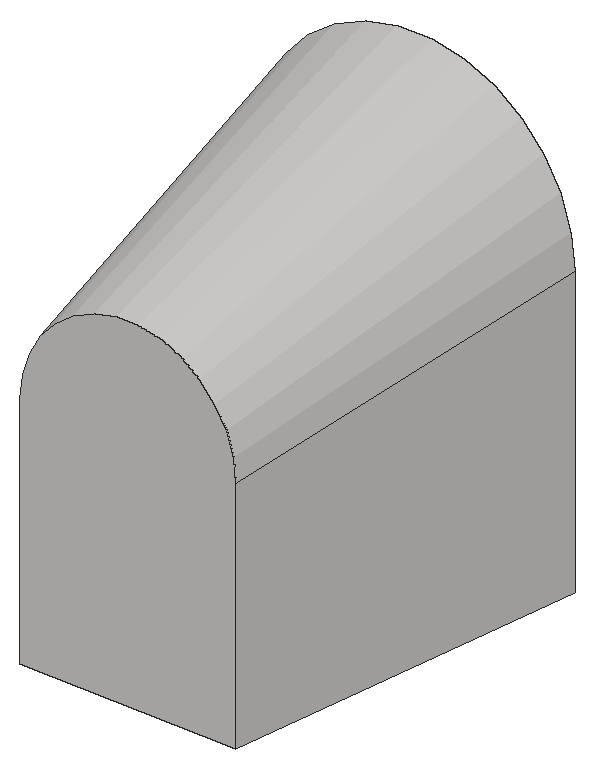
Revit family "PRD_FrankeWS_WCPans_CAMPUS_CMPX597,CMPX597B,CMPX597G,CMPX597S,CMPX597W", category Plumbing Fixtures, host Face, Revit 2018
Family settings
  Host = Face
  Round Connector Dimension = Use Diameter
  Part Type = Normal
  OmniClass Number = 23.45.05.21.11
  OmniClass Title = Water Closets
  Cut with Voids When Loaded = No
  Shared = No
  Room Calculation Point = No
Parameters (values of type "CMPX597")
  WaterSupplyOverflowAndWasteHolesWaterSupply = "n/a"
  WaterSupplyOverflowAndWasteHolesWaste = "n/a"
  WaterSupplyOverflowAndWasteHolesOverflow = "n/a"
  WasteSize = 100 mm
  WarrantyStartDate [instance] = "1900-12-31T23:59:59"
  WarrantyGuarantorParts = "n/a"
  WarrantyGuarantorLabor = "n/a"
  WarrantyDurationUnit = "year"
  WarrantyDurationParts = "n/a"
  WarrantyDurationLabor = "n/a"
  WarrantyDescription = "n/a"
  WCseatMaterial = none
  WC Material = PRD_AR_StainlessSteel_SatinFinished
  Visible = no
  Version = "1"
  Uniclass2015Version = "Products v1.7"
  Uniclass2015Title = "WC pans"
  Uniclass2015Code = "Pr_40_20_93_94"
  URL = "www.kwc.com"
  ToiletType = "LooseCoupled"
  ToiletPanType = "Other"
  TagNumber [instance] = "n/a"
  SustainabilityPerformance = "n/a"
  Standard = "n/a"
  SpilloverLevel = 400.00 mm
  Size = "360 x 400 x 500 mm"
  Shape = "n/a"
  SerialNumber [instance] = "n/a"
  SeatPadsMaterial = PRD_AR_SyntheticGrey
  SeatPads = no
  Revision = "n/a"
  ReplacementCost = "n/a"
  ProductInformation = "https://pim.kwc.com/product/2000100153/attachment/datasheet?locale=en"
  PanMounting = "WallHung"
  PanMaterial = "Stainless steel"
  PanHeight = "n/a"
  PanColor = "Stainless steel"
  NominalWidth = 360.00 mm
  NominalLength = 500.00 mm
  NominalHeight = 400.00 mm
  NominalDepth = 400.00 mm
  NetWeight = 15.76 kg
  Name = "CAMPUS WC CMPX597"
  NBSTypeID = "n/a"
  NBSReference = "45-35-70/384"
  NBSOfficeMasterTag = "n/a"
  NBSNote = "n/a"
  NBSDescription = "WC pans"
  NBSCertification = "n/a"
  ModelReference = "CMPX597"
  ModelNumber = "2000100153"
  Model = ModelReference  # "CMPX597"
  MinimumFlushingCapacity = "4.00 L"
  MaterialsFinishAndColour = "Stainless steel"
  MaterialsBody = "Stainless steel"
  ManufacturerURL = "www.kwc.com"
  ManufacturerName = "KWC Group AG"  # constant formula
  Manufacturer = ManufacturerName  # "KWC Group AG"
  IntegralAccessories = "Includes Mounting material"
  InstallationDate [instance] = "1900-12-31T23:59:59"
  InletSize = 55 mm
  IfcExportType = "TOILETPAN"
  IfcExportAs = "IfcSanitaryTerminalType"
  GrossWeight = 16.66 kg
  Grade = "n/a"
  Form = "WALL-HUNG"
  Finish = "Satin finished"
  Features = "stainless steel, 1.60 mm, satin finished, wall and floor mounting, 360x400x500 mm (WxHxD)"
  ExpectedLife = "n/a"
  DurationUnit = "year"
  Description = "Floor standing WC pan with shroud to the floor, stainless steel, surface satin finished, material thickness 1.6 mm, flushing certificated to EN 997, concealed flushing rim with min. 4 liter flushing capacity, with a shrouded 100 mm diameter horizontal 'P' trap outlet, pressed seat area tapered towards centre, all edges curved, fixing with mounting plate supplied, conform to EN 33, includes security screws. 4 litre flush EN 997 approved. Without seat."
  Default Elevation = 500.00 mm
  Constituents = "n/a"
  ConnectingDimensions = "n/a"
  CodePerformance = "n/a"
  Category = "Pr_40_20_93_94, WC pans"
  BarCode [instance] = "n/a"
  BIMObjectName = "PRD_AR_WCPans_CAMPUS_CMPX597"
  Author = "Archispace"  # constant formula
  AssetType = "Fixed"
  AssetIdentifier [instance] = "n/a"
  AccessibilityPerformance = "n/a"
Types (5, lengths in mm): name | WCseatMaterial | Visible | Size | SeatPads | ProductInformation | NominalHeight | NominalDepth | NetWeight | Name | ModelReference | ModelNumber | Model | GrossWeight | Features | Description | BIMObjectName
  CMPX597 | none | no | "360 x 400 x 500 mm" | no | "https://pim.kwc.com/product/2000100153/attachment/datasheet?locale=en" | 400.00 | 400.00 | 15.76 kg | "CAMPUS WC CMPX597" | "CMPX597" | "2000100153" | "CMPX597" | 16.66 kg | "stainless steel, 1.60 mm, satin finished, wall and floor mounting, 360x400x500 mm (WxHxD)" | "Floor standing WC pan with shroud to the floor, stainless steel, surface satin finished, material thickness 1.6 mm, flushing certificated to EN 997, concealed flushing rim with min. 4 liter flushing capacity, with a shrouded 100 mm diameter horizontal 'P' trap outlet, pressed seat area tapered towards centre, all edges curved, fixing with mounting plate supplied, conform to EN 33, includes security screws. 4 litre flush EN 997 approved. Without seat." | "PRD_AR_WCPans_CAMPUS_CMPX597"
  CMPX597S | none | no | "360 x 412 x 500 mm" | yes | "https://pim.kwc.com/product/2000100154/attachment/datasheet?locale=en" | 412.00 | 412.00 | 16.54 kg | "CAMPUS WC CMPX597S" | "CMPX597S" | "2000100154" | "CMPX597S" | 17.34 kg | "stainless steel, 1.60 mm, satin finished, wall and floor mounting, 360x412x500 mm (WxHxD)" | "Floor standing WC pan with shroud to the floor, stainless steel, surface satin finished, material thickness 1.6 mm, flushing certificated to EN 997, concealed flushing rim with min. 4 liter flushing capacity, with a shrouded 100 mm diameter horizontal 'P' trap outlet, pressed seat area tapered towards centre, all edges curved, fixing with mounting plate supplied, conform to EN 33, includes security screws. 4 litre flush EN 997 approved. With seat pads." | "PRD_AR_WCPans_CAMPUS_CMPX597S"
  CMPX597B | PRD_AR_SyntheticBlack | yes | "360 x 456 x 500 mm" | no | "https://pim.kwc.com/product/2000100156/attachment/datasheet?locale=en" | 456.00 | 456.00 | 17.08 kg | "CAMPUS WC CMPX597B" | "CMPX597B" | "2000100156" | "CMPX597B" | 19.24 kg | "stainless steel, 1.60 mm, satin finished, wall and floor mounting, 360x456x500 mm (WxHxD)" | "Floor standing WC pan with shroud to the floor, stainless steel, surface satin finished, material thickness 1.6 mm, flushing certificated to EN 997, concealed flushing rim with min. 4 liter flushing capacity, with a shrouded 100 mm diameter horizontal 'P' trap outlet, pressed seat area tapered towards centre, all edges curved, fixing with mounting plate supplied, conform to EN 33, includes security screws. 4 litre flush EN 997 approved. With black WC seat." | "PRD_AR_WCPans_CAMPUS_CMPX597B"
  CMPX597G | PRD_AR_SyntheticGrey | yes | "360 x 456 x 500 mm" | no | "https://pim.kwc.com/product/2000100157/attachment/datasheet?locale=en" | 456.00 | 456.00 | 17.08 kg | "CAMPUS WC CMPX597G" | "CMPX597G" | "2000100157" | "CMPX597G" | 19.24 kg | "stainless steel, 1.60 mm, satin finished, wall and floor mounting, 360x456x500 mm (WxHxD)" | "Floor standing WC pan with shroud to the floor, stainless steel, surface satin finished, material thickness 1.6 mm, flushing certificated to EN 997, concealed flushing rim with min. 4 liter flushing capacity, with a shrouded 100 mm diameter horizontal 'P' trap outlet, pressed seat area tapered towards centre, all edges curved, fixing with mounting plate supplied, conform to EN 33, includes security screws. 4 litre flush EN 997 approved. With grey WC seat." | "PRD_AR_WCPans_CAMPUS_CMPX597G"
  CMPX597W | PRD_AR_SyntheticWhite | yes | "360 x 456 x 500 mm" | no | "https://pim.kwc.com/product/2000100158/attachment/datasheet?locale=en" | 456.00 | 456.00 | 17.08 kg | "CAMPUS WC CMPX597W" | "CMPX597W" | "2000100158" | "CMPX597W" | 19.24 kg | "stainless steel, 1.60 mm, satin finished, wall and floor mounting, 360x456x500 mm (WxHxD)" | "Floor standing WC pan with shroud to the floor, stainless steel, surface satin finished, material thickness 1.6 mm, flushing certificated to EN 997, concealed flushing rim with min. 4 liter flushing capacity, with a shrouded 100 mm diameter horizontal 'P' trap outlet, pressed seat area tapered towards centre, all edges curved, fixing with mounting plate supplied, conform to EN 33, includes security screws. 4 litre flush EN 997 approved. With white WC seat." | "PRD_AR_WCPans_CAMPUS_CMPX597W"
Reference planes
  plane 1 "Center (Front/Back)": y = 0
  plane 2: z = 0
  plane 3 "Center (Left/Right)": x = 0
Forms (mm)
  Extrusion 1, solid, not visible
    sketch origin (0, 0, 0) x (1, 0, 0) y (0, 1, 0)
      loop
        circle (0, -177.35) r 50
      loop
        circle (0, -42.3) r 27.5
    from 0 to 2
Dimensions and locks
  aligned and locked: plane 2 to host face
  aligned and locked: level to host face
Nested families
  nested 1: "WC-seat" at (0, 0, 0), visible <- "Visible", type "WC-seat"
  nested 2: "SeatPads" at (0, -351.65, 0) x (1, 0, 0) z (0, 1, 0), visible <- "SeatPads", type "SeatPads", detail levels fine
  nested 3: "CMPX597" at (0, -400, 0) x (1, 0, 0) z (0, 1, 0), type "CMPX597"
Connectors
  piping at (0, -177.35, 0), diameter 100, driven by "WasteSize"
    settings: on Extrusion 1, index 3, connector inside diameter 609.6 mm, connector length 0.00 mm, flow factor 0, pipe flow 0.0 L/s, pressure drop 0.0 Pa, fitting loss kfactor 0, connector angle 0.00°, fixture units 0, engagement length 0.00 mm, angle of deflection 0.00°, flow configuration 1, flow direction 2, fitting loss method 0, system type 16, joint type 0, gender type 0, connector reference index -1, connector utility 0, adjustable connector no, is connector primary yes, connector description ""
  piping at (0, -42.3, 0), diameter 55, driven by "InletSize"
    settings: on Extrusion 1, index 5, connector inside diameter 609.6 mm, connector length 0.00 mm, flow factor 0, pipe flow 0.0 L/s, pressure drop 0.0 Pa, fitting loss kfactor 0, connector angle 0.00°, fixture units 0, engagement length 0.00 mm, angle of deflection 0.00°, flow configuration 1, flow direction 1, fitting loss method 0, system type 20, joint type 0, gender type 0, connector reference index -1, connector utility 0, adjustable connector no, is connector primary no, connector description ""
Definition of nested family "WC-seat"
  Parameters (values of type "WC-seat")
    Material = none
  Reference planes
    plane 1 "Środek (Przód/Tył)": y = 0
    plane 2: z = 0
    plane 3 "Środek (Lewa/Prawa)": x = 0
  Forms (mm)
    Extrusion 1, solid, material <- "Material", detail levels fine
      sketch origin (0, 0, 0) x (1, 0, 0) y (0, 0, 1)
        loop
          line (178.25, 40) -> (178.25, 321.25)
          arc (178.25, 321.25) -> (0, 499.5) -> (-178.25, 321.25) r 178.25
          line (-178.25, 321.25) -> (-178.25, 40) -> (178.25, 40)
      from 0 to -57.35
    Sweep 2, void
      path in 3D
        loop
          line (178.25, 57.35, 40) -> (-178.25, 57.35, 40) -> (-178.25, 57.35, 321.25)
          arc (-178.25, 57.35, 321.25) -> (0, 57.35, 499.5) -> (178.25, 57.35, 321.25) r 178.25
          line (178.25, 57.35, 321.25) -> (178.25, 57.35, 40)
      profile origin (178.25, 57.35, 180.625) x (1, 0, 0) y (0, 1, 0)
        loop
          line (0, 0) -> (-50, 0)
          arc (-50, 0) -> (-14.645, -14.645) -> (0, -50) r 50
          line (0, -50) -> (0, 0)
    Extrusion 3, solid, material <- "Material", detail levels coarse+medium
      sketch origin (0, 0, 0) x (1, 0, 0) y (0, 0, 1)
        loop
          line (178.25, 40) -> (178.25, 321.25)
          arc (178.25, 321.25) -> (0, 499.5) -> (-178.25, 321.25) r 178.25
          line (-178.25, 321.25) -> (-178.25, 40) -> (178.25, 40)
      from 0 to -57.35
  Cuts and joins
    Sweep 2 cuts Extrusion 1
  Lines and regions (mm)
    sketch lines
      curve 1: line (178.25, 57.35, 321.25) -> (178.25, 57.35, 40)
      curve 2: arc (178.25, 57.35, 321.25) -> (0, 57.35, 499.5) -> (-178.25, 57.35, 321.25) r 178.25
      curve 3: line (-178.25, 57.35, 40) -> (-178.25, 57.35, 321.25)
      curve 4: line (178.25, 57.35, 40) -> (-178.25, 57.35, 40)
  Dimensions and locks
    aligned and locked: level to plane 2
Definition of nested family "SeatPads"
  Parameters (values of type "SeatPads")
    Manufacturer = ""
    Model = ""
    Materiał = none
    Default Elevation = 1219.20 mm
  Reference planes
    plane 1 "Środek (Przód/Tył)": y = 0
    plane 2: z = 0
    plane 3 "Środek (Lewa/Prawa)": x = 0
    plane 4: z = 351.65
  Forms (mm)
    Extrusion 1, solid, material <- "Materiał"
      sketch origin (0, -0.876, 0) x (1, 0, 0) y (0, 1, 0)
        loop
          line (-131.695, -182.876) -> (-132.916, -182.876)
          arc (-132.916, -182.876) -> (-146.645, -187.686) -> (-154.371, -200.011) r 22
          arc (-154.371, -200.011) -> (-165.118, -296) -> (-154.371, -391.989) r 434.067
          arc (-154.371, -391.989) -> (-146.645, -404.314) -> (-132.916, -409.124) r 22
          line (-132.916, -409.124) -> (-131.695, -409.124)
          arc (-131.695, -409.124) -> (-115.412, -401.385) -> (-111.13, -383.873) r 21
          arc (-111.13, -383.873) -> (-120.118, -296) -> (-111.13, -208.127) r 434.067
          arc (-111.13, -208.127) -> (-115.412, -190.615) -> (-131.695, -182.876) r 21
        loop
          arc (131.695, -182.876) -> (115.412, -190.615) -> (111.13, -208.127) r 21
          arc (111.13, -208.127) -> (120.118, -296) -> (111.13, -383.873) r 434.067
          arc (111.13, -383.873) -> (115.412, -401.385) -> (131.695, -409.124) r 21
          line (131.695, -409.124) -> (132.916, -409.124)
          arc (132.916, -409.124) -> (146.645, -404.314) -> (154.371, -391.989) r 22
          arc (154.371, -391.989) -> (165.118, -296) -> (154.371, -200.011) r 434.067
          arc (154.371, -200.011) -> (146.645, -187.686) -> (132.916, -182.876) r 22
          line (132.916, -182.876) -> (131.695, -182.876)
      from 346.65 to 358.65
    Sweep 2, void
      path in 3D
        loop
          arc (154.371, -392.865, 358.65) -> (146.645, -405.191, 358.65) -> (132.916, -410, 358.65) r 22
          line (132.916, -410, 358.65) -> (131.695, -410, 358.65)
          arc (131.695, -410, 358.65) -> (115.412, -402.261, 358.65) -> (111.13, -384.749, 358.65) r 21
          arc (111.13, -384.749, 358.65) -> (120.118, -296.876, 358.65) -> (111.13, -209.004, 358.65) r 434.067
          arc (111.13, -209.004, 358.65) -> (115.412, -191.491, 358.65) -> (131.695, -183.752, 358.65) r 21
          line (131.695, -183.752, 358.65) -> (132.916, -183.752, 358.65)
          arc (132.916, -183.752, 358.65) -> (146.645, -188.562, 358.65) -> (154.371, -200.887, 358.65) r 22
          arc (154.371, -200.887, 358.65) -> (165.118, -296.876, 358.65) -> (154.371, -392.865, 358.65) r 434.067
      profile origin (165.118, -296.876, 358.65) x (1, 0, 0) y (0, 0, 1)
        loop
          line (0, 0) -> (-2, 0)
          arc (-2, 0) -> (-0.586, -0.586) -> (0, -2) r 2
          line (0, -2) -> (0, 0)
    Sweep 3, void
      path in 3D
        loop
          arc (-154.371, -392.865, 358.65) -> (-146.645, -405.191, 358.65) -> (-132.916, -410, 358.65) r 22
          line (-132.916, -410, 358.65) -> (-131.695, -410, 358.65)
          arc (-131.695, -410, 358.65) -> (-115.412, -402.261, 358.65) -> (-111.13, -384.749, 358.65) r 21
          arc (-111.13, -384.749, 358.65) -> (-120.118, -296.876, 358.65) -> (-111.13, -209.004, 358.65) r 434.067
          arc (-111.13, -209.004, 358.65) -> (-115.412, -191.491, 358.65) -> (-131.695, -183.752, 358.65) r 21
          line (-131.695, -183.752, 358.65) -> (-132.916, -183.752, 358.65)
          arc (-132.916, -183.752, 358.65) -> (-146.645, -188.562, 358.65) -> (-154.371, -200.887, 358.65) r 22
          arc (-154.371, -200.887, 358.65) -> (-165.118, -296.876, 358.65) -> (-154.371, -392.865, 358.65) r 434.067
      profile origin (-165.118, -296.876, 358.65) x (1, 0, 0) y (0, 0, 1)
        loop
          line (0, 0) -> (0, -2)
          arc (0, -2) -> (0.586, -0.586) -> (2, 0) r 2
          line (2, 0) -> (0, 0)
  Cuts and joins
    Sweep 2, Sweep 3 cuts Extrusion 1
  Lines and regions (mm)
    sketch lines
      curve 1: arc (154.371, -200.887, 358.65) -> (165.118, -296.876, 358.65) -> (154.371, -392.865, 358.65) r 434.067
      curve 2: arc (154.371, -392.865, 358.65) -> (146.645, -405.191, 358.65) -> (132.916, -410, 358.65) r 22
      curve 3: line (131.695, -410, 358.65) -> (132.916, -410, 358.65)
      curve 4: arc (131.695, -410, 358.65) -> (115.412, -402.261, 358.65) -> (111.13, -384.749, 358.65) r 21
      curve 5: arc (111.13, -384.749, 358.65) -> (120.118, -296.876, 358.65) -> (111.13, -209.004, 358.65) r 434.067
      curve 6: arc (111.13, -209.004, 358.65) -> (115.412, -191.491, 358.65) -> (131.695, -183.752, 358.65) r 21
      curve 7: line (132.916, -183.752, 358.65) -> (131.695, -183.752, 358.65)
      curve 8: arc (132.916, -183.752, 358.65) -> (146.645, -188.562, 358.65) -> (154.371, -200.887, 358.65) r 22
      curve 9: arc (-154.371, -200.887, 358.65) -> (-165.118, -296.876, 358.65) -> (-154.371, -392.865, 358.65) r 434.067
      curve 10: arc (-154.371, -392.865, 358.65) -> (-146.645, -405.191, 358.65) -> (-132.916, -410, 358.65) r 22
      curve 11: line (-131.695, -410, 358.65) -> (-132.916, -410, 358.65)
      curve 12: arc (-131.695, -410, 358.65) -> (-115.412, -402.261, 358.65) -> (-111.13, -384.749, 358.65) r 21
      curve 13: arc (-111.13, -384.749, 358.65) -> (-120.118, -296.876, 358.65) -> (-111.13, -209.004, 358.65) r 434.067
      curve 14: arc (-111.13, -209.004, 358.65) -> (-115.412, -191.491, 358.65) -> (-131.695, -183.752, 358.65) r 21
      curve 15: line (-132.916, -183.752, 358.65) -> (-131.695, -183.752, 358.65)
      curve 16: arc (-132.916, -183.752, 358.65) -> (-146.645, -188.562, 358.65) -> (-154.371, -200.887, 358.65) r 22
Definition of nested family "CMPX597"
  Parameters (values of type "CMPX597")
    Manufacturer = ""
    Model = ""
    Materiał = none
    Default Elevation = 1219.20 mm
  Reference planes
    plane 1 "Środek (Przód/Tył)": y = 0
    plane 2: z = 0
    plane 3 "Środek (Lewa/Prawa)": x = 0
    plane 4: z = 400
    plane 5: z = 400
    plane 6: y = -500
    plane 7: y = -385
    plane 8: x = -120.317
    plane 9: x = 120.322
  Forms (mm)
    Blend 1, solid, material <- "Materiał", detail levels fine
      base sketch origin (-500, 0, 0) x (1, 0, 0) y (0, 1, 0)
        loop
          line (379.683, 0) -> (379.683, -264.95)
          arc (379.683, -264.95) -> (500.002, -385.269) -> (620.322, -264.95) r 120.319
          line (620.322, -264.95) -> (620.322, 0) -> (379.683, 0)
      top sketch origin (-500, 0, 0) x (1, 0, 0) y (0, 1, 0)
        loop
          line (321.75, 0) -> (321.75, -321.25)
          arc (321.75, -321.25) -> (500, -499.5) -> (678.25, -321.25) r 178.25
          line (678.25, -321.25) -> (678.25, 0) -> (321.75, 0)
      from 0 to 400
    Extrusion 2, void
      sketch origin (-500, 0, 0) x (1, 0, 0) y (0, 1, 0)
        loop
          line (351.66, -263.5) -> (351.66, -328.5)
          arc (351.66, -328.5) -> (500, -476.84) -> (648.34, -328.5) r 148.34
          line (648.34, -328.5) -> (648.34, -263.5)
          arc (648.34, -263.5) -> (500, -115.16) -> (351.66, -263.5) r 148.34
      from 395 to 400
    Blend 3, void
      base sketch origin (-1643.568, 0, 0) x (1, 0, 0) y (0, 1, 0)
        loop
          circle (1643.568, -250.803) r 35.85
      top sketch origin (-1643.568, 0, 0) x (1, 0, 0) y (0, 1, 0)
        loop
          line (1527.996, -262.945) -> (1527.996, -328.945)
          arc (1527.996, -328.945) -> (1643.496, -444.445) -> (1758.996, -328.945) r 115.5
          line (1758.996, -328.945) -> (1758.996, -262.945)
          arc (1758.996, -262.945) -> (1643.496, -147.445) -> (1527.996, -262.945) r 115.5
      from 163 to 400
    Sweep 4, void
      path origin (0, 0, 0) x (1, 0, 0) y (0, 1, 0)
        loop
          arc (148.34, -263.5) -> (0, -115.16) -> (-148.34, -263.5) r 148.34
          line (-148.34, -263.5) -> (-148.34, -328.5)
          arc (-148.34, -328.5) -> (0, -476.84) -> (148.34, -328.5) r 148.34
          line (148.34, -328.5) -> (148.34, -263.5)
      profile origin (0, -115.16, 0) x (0, -1, 0) y (0, 0, 1)
        loop
          line (0, 395) -> (0, 400) -> (-10, 400)
          arc (-10, 400) -> (-4.41, 398.68) -> (0, 395) r 12.5
    Extrusion 5, solid, material <- "Materiał", detail levels coarse
      sketch origin (0, 0, 0) x (1, 0, 0) y (0, 1, 0)
        loop
          line (-178.25, 0) -> (-178.25, -321.25)
          arc (-178.25, -321.25) -> (0, -499.5) -> (178.25, -321.25) r 178.25
          line (178.25, -321.25) -> (178.25, 0) -> (-178.25, 0)
      from 0 to 400
    Blend 6, solid, material <- "Materiał", detail levels medium
      base sketch origin (-500, 0, 0) x (1, 0, 0) y (0, 1, 0)
        loop
          line (379.683, 0) -> (379.683, -264.95)
          arc (379.683, -264.95) -> (500.002, -385.269) -> (620.322, -264.95) r 120.319
          line (620.322, -264.95) -> (620.322, 0) -> (379.683, 0)
      top sketch origin (-500, 0, 0) x (1, 0, 0) y (0, 1, 0)
        loop
          line (321.75, 0) -> (321.75, -321.25)
          arc (321.75, -321.25) -> (500, -499.5) -> (678.25, -321.25) r 178.25
          line (678.25, -321.25) -> (678.25, 0) -> (321.75, 0)
      from 0 to 400
  Cuts and joins
    Extrusion 2, Blend 3, Sweep 4 cuts Blend 1
  Dimensions and locks
    plane 5 to level = 400.00 mm
    plane 1 "Środek (Przód/Tył)" to plane 6 = 500.00 mm
    plane 1 "Środek (Przód/Tył)" to plane 7 = 385.00 mm
    aligned and locked: plane 4 to cut or joined group of Blend 1, Extrusion 2, Blend 3, Sweep 4
